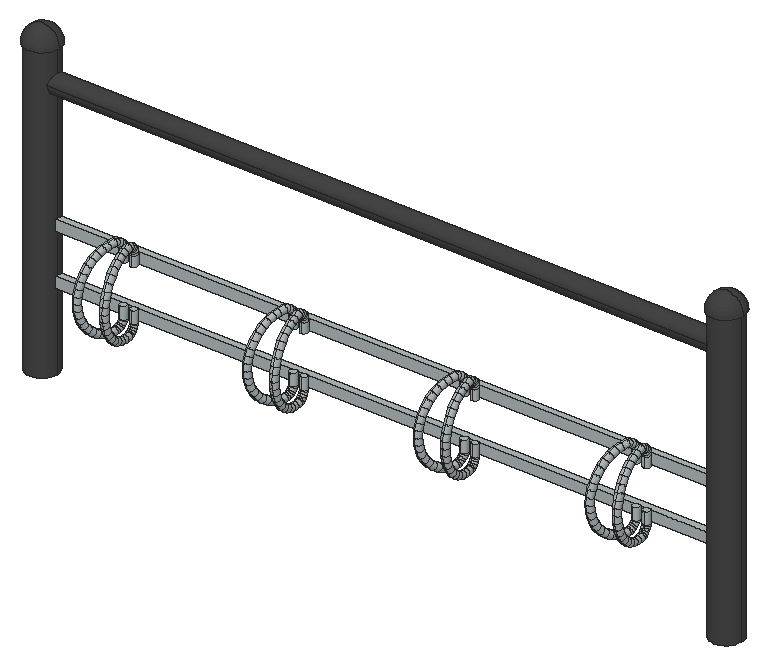
Revit family "Orion 4 Places", category Furniture, Revit 2020
Family settings
  OmniClass Number = 23.21.23.13.15
  Work Plane-Based = No
  Always vertical = Yes
  Cut with Voids When Loaded = No
  Shared = No
  Room Calculation Point = No
Parameters (values of type "8003072 / Black - Galvanized")
  Uniclass 1.4 Description = "Furniture"
  Uniclass 1.4 Code = "L8211"
  URL = "https://www.hags.com/"
  QR code = "https://www.hags.com/en-us/furniture/park-and-urban-furniture/bicycle-storage/orion-cycle-stand"
  Product url = "https://www.hags.com/en-us/furniture/park-and-urban-furniture/bicycle-storage/orion-cycle-stand"
  Product name = "Orion Cycle Stand Cast In Place 4 PL"
  Product data url = "https://bimobject.com/hags/product/sofa_sofiero_detached"
  Product SKU = "Orion_Cycle_Stand_Detached"
  Product Guid = "90e49432-c870-4a59-897e-b15016e8f9bd"
  OmniClass Description = "BICYCLE STORAGE"
  OmniClass Code = "23-21 23 13 15"
  Model = "8003072"
  Manufacturer name = "HAGS"
  Manufacturer = "Hags"
  IFC Classification = "Furniture"
  Edition number = 1
  Description = ""
  Default Elevation = 0 mm
  Construction material = Hags - Steel - Powder coated - Black
  Body material_90 = Hags - Steel - Galvanized
  Body material = Hags - Steel - Galvanized
  BIMobject category = "PARK AND URBAN FURNITURE"
Reference planes
  plane 1 "Center (Front/Back)": y = 0
  plane 2: z = 0
  plane 3 "Center (Left/Right)": x = 0
Forms (mm)
  Extrusion 1, solid, material "Hags - Steel - Galvanized" <- "Body material"
    sketch origin (1.365, 774.147, 368.991) x (1, 0, 0) y (0, 1, 0)
      loop
        line (45, 10) -> (45, -10) -> (1953.774, -10) -> (1953.774, 10) -> (45, 10)
    from 10 to 40
  Extrusion 2, solid, material "Hags - Steel - Powder coated - Black" <- "Construction material"
    sketch origin (1.256, 773.645, -2.003) x (1, 0, 0) y (0, 1, 0)
      loop
        circle (0, 0) r 45
    from 0 to 855.862
  Revolve 3, solid, material "Hags - Steel - Powder coated - Black" <- "Construction material"
    sketch origin (-157.494, 773.272, 982.921) x (1, 0, 0) y (0, 0, -1)
      loop
        arc (158.761, 80.421) -> (194.116, 95.065) -> (208.761, 130.421) r 50
        line (208.761, 130.421) -> (207.761, 130.421)
        arc (207.761, 130.421) -> (193.409, 95.772) -> (158.761, 81.421) r 49
        line (158.761, 81.421) -> (158.761, 80.421)
      axis (158.761, 80.421) -> (158.761, 130.421)
    angle from 0 to 360
  Extrusion 4, solid, material "Hags - Steel - Galvanized" <- "Body material"
    sketch origin (1.365, 774.147, 219.062) x (1, 0, 0) y (0, 1, 0)
      loop
        line (45, 10) -> (45, -10) -> (1953.774, -10) -> (1953.774, 10) -> (45, 10)
    from 10 to 40
  Sweep 5, solid, material "Hags - Steel - Galvanized" <- "Body material"
    path in 3D
      loop
        line (284.399, 754.337, 377.24) -> (284.399, 754.337, 407.353) -> (284.665, 752.833, 415.339) -> (285.316, 749.14, 423.039) -> (286.286, 743.636, 428.628) -> (287.965, 734.115, 434.346) -> (289.347, 726.277, 435.361) -> (292.522, 708.27, 432.783) -> (295.203, 693.067, 429.453) -> (297.994, 677.237, 422.534) -> (300.723, 661.763, 413.169) -> (303.109, 648.228, 401.259) -> (305.21, 636.315, 386.656) -> (306.856, 626.977, 371.146) -> (308.013, 620.42, 354.939) -> (308.792, 616.001, 337.377) -> (309.009, 614.771, 319.294) -> (308.744, 616.272, 301.112) -> (308.016, 620.403, 283.054) -> (306.889, 626.794, 266.207) -> (305.171, 636.533, 250.343) -> (303.187, 647.79, 236.583) -> (300.759, 661.556, 224.908) -> (298.069, 676.815, 215.565) -> (295.162, 693.301, 208.347) -> (292.187, 710.173, 204.276) -> (288.99, 728.303, 202.885) -> (287.744, 735.369, 204.302) -> (286.375, 743.131, 208.643) -> (285.399, 748.667, 215.06) -> (284.552, 753.472, 223.611) -> (284.444, 754.085, 227.971) -> (284.444, 754.085, 260.734)
    profile origin (284.444, 754.085, 244.352) x (0, 1, 0) y (-1, 0, 0)
      loop
        circle (0, 0) r 10
  Sweep 6, solid, material "Hags - Steel - Galvanized" <- "Body material"
    path in 3D
      loop
        line (254.031, 754.116, 377.794) -> (254.031, 754.116, 407.907) -> (253.766, 752.611, 415.893) -> (253.115, 748.919, 423.593) -> (252.145, 743.415, 429.182) -> (250.466, 733.894, 434.9) -> (249.084, 726.056, 435.915) -> (245.909, 708.049, 433.337) -> (243.228, 692.846, 430.007) -> (240.437, 677.016, 423.088) -> (237.708, 661.542, 413.723) -> (235.321, 648.007, 401.813) -> (233.221, 636.094, 387.21) -> (231.574, 626.756, 371.7) -> (230.418, 620.199, 355.493) -> (229.639, 615.78, 337.931) -> (229.422, 614.55, 319.848) -> (229.687, 616.051, 301.666) -> (230.415, 620.182, 283.608) -> (231.542, 626.573, 266.761) -> (233.259, 636.312, 250.897) -> (235.244, 647.569, 237.137) -> (237.672, 661.335, 225.462) -> (240.362, 676.594, 216.119) -> (243.269, 693.08, 208.901) -> (246.244, 709.952, 204.83) -> (249.441, 728.082, 203.439) -> (250.687, 735.148, 204.856) -> (252.056, 742.91, 209.197) -> (253.032, 748.445, 215.614) -> (253.879, 753.251, 224.165) -> (253.987, 753.864, 228.525) -> (253.987, 753.864, 261.288)
    profile origin (253.987, 753.864, 244.906) x (0, 1, 0) y (-1, 0, 0)
      loop
        circle (0, 0) r 10
  Sweep 7, solid, material "Hags - Steel - Galvanized" <- "Body material"
    path in 3D
      loop
        line (1781.899, 754.337, 377.24) -> (1781.899, 754.337, 407.353) -> (1782.165, 752.833, 415.339) -> (1782.816, 749.14, 423.039) -> (1783.786, 743.636, 428.628) -> (1785.465, 734.115, 434.346) -> (1786.847, 726.277, 435.361) -> (1790.022, 708.27, 432.783) -> (1792.703, 693.067, 429.453) -> (1795.494, 677.237, 422.534) -> (1798.223, 661.763, 413.169) -> (1800.609, 648.228, 401.259) -> (1802.71, 636.315, 386.656) -> (1804.356, 626.977, 371.146) -> (1805.513, 620.42, 354.939) -> (1806.292, 616.001, 337.377) -> (1806.509, 614.771, 319.294) -> (1806.244, 616.272, 301.112) -> (1805.516, 620.403, 283.054) -> (1804.389, 626.794, 266.207) -> (1802.671, 636.533, 250.343) -> (1800.687, 647.79, 236.583) -> (1798.259, 661.556, 224.908) -> (1795.569, 676.815, 215.565) -> (1792.662, 693.301, 208.347) -> (1789.687, 710.173, 204.276) -> (1786.49, 728.303, 202.885) -> (1785.244, 735.369, 204.302) -> (1783.875, 743.131, 208.643) -> (1782.899, 748.667, 215.06) -> (1782.052, 753.472, 223.611) -> (1781.944, 754.085, 227.971) -> (1781.944, 754.085, 260.734)
    profile origin (1781.944, 754.085, 244.352) x (0, 1, 0) y (-1, 0, 0)
      loop
        circle (0, 0) r 10
  Sweep 8, solid, material "Hags - Steel - Galvanized" <- "Body material"
    path in 3D
      loop
        line (1751.531, 754.116, 377.794) -> (1751.531, 754.116, 407.907) -> (1751.266, 752.611, 415.893) -> (1750.615, 748.919, 423.593) -> (1749.645, 743.415, 429.182) -> (1747.966, 733.894, 434.9) -> (1746.584, 726.056, 435.915) -> (1743.409, 708.049, 433.337) -> (1740.728, 692.846, 430.007) -> (1737.937, 677.016, 423.088) -> (1735.208, 661.542, 413.723) -> (1732.821, 648.007, 401.813) -> (1730.721, 636.094, 387.21) -> (1729.074, 626.756, 371.7) -> (1727.918, 620.199, 355.493) -> (1727.139, 615.78, 337.931) -> (1726.922, 614.55, 319.848) -> (1727.187, 616.051, 301.666) -> (1727.915, 620.182, 283.608) -> (1729.042, 626.573, 266.761) -> (1730.759, 636.312, 250.897) -> (1732.744, 647.569, 237.137) -> (1735.172, 661.335, 225.462) -> (1737.862, 676.594, 216.119) -> (1740.769, 693.08, 208.901) -> (1743.744, 709.952, 204.83) -> (1746.941, 728.082, 203.439) -> (1748.187, 735.148, 204.856) -> (1749.556, 742.91, 209.197) -> (1750.532, 748.445, 215.614) -> (1751.379, 753.251, 224.165) -> (1751.487, 753.864, 228.525) -> (1751.487, 753.864, 261.288)
    profile origin (1751.487, 753.864, 244.906) x (0, 1, 0) y (-1, 0, 0)
      loop
        circle (0, 0) r 10
  Sweep 9, solid, material "Hags - Steel - Galvanized" <- "Body material"
    path in 3D
      loop
        line (781.066, 754.337, 377.24) -> (781.066, 754.337, 407.353) -> (781.331, 752.833, 415.339) -> (781.982, 749.14, 423.039) -> (782.953, 743.636, 428.628) -> (784.632, 734.115, 434.346) -> (786.014, 726.277, 435.361) -> (789.189, 708.27, 432.783) -> (791.87, 693.067, 429.453) -> (794.661, 677.237, 422.534) -> (797.389, 661.763, 413.169) -> (799.776, 648.228, 401.259) -> (801.877, 636.315, 386.656) -> (803.523, 626.977, 371.146) -> (804.679, 620.42, 354.939) -> (805.458, 616.001, 337.377) -> (805.675, 614.771, 319.294) -> (805.411, 616.272, 301.112) -> (804.682, 620.403, 283.054) -> (803.555, 626.794, 266.207) -> (801.838, 636.533, 250.343) -> (799.853, 647.79, 236.583) -> (797.426, 661.556, 224.908) -> (794.735, 676.815, 215.565) -> (791.828, 693.301, 208.347) -> (788.853, 710.173, 204.276) -> (785.657, 728.303, 202.885) -> (784.411, 735.369, 204.302) -> (783.042, 743.131, 208.643) -> (782.066, 748.667, 215.06) -> (781.219, 753.472, 223.611) -> (781.111, 754.085, 227.971) -> (781.111, 754.085, 260.734)
    profile origin (781.111, 754.085, 244.352) x (0, 1, 0) y (-1, 0, 0)
      loop
        circle (0, 0) r 10
  Sweep 10, solid, material "Hags - Steel - Galvanized" <- "Body material"
    path in 3D
      loop
        line (750.698, 754.116, 377.794) -> (750.698, 754.116, 407.907) -> (750.433, 752.611, 415.893) -> (749.782, 748.919, 423.593) -> (748.811, 743.415, 429.182) -> (747.132, 733.894, 434.9) -> (745.75, 726.056, 435.915) -> (742.575, 708.049, 433.337) -> (739.894, 692.846, 430.007) -> (737.103, 677.016, 423.088) -> (734.375, 661.542, 413.723) -> (731.988, 648.007, 401.813) -> (729.888, 636.094, 387.21) -> (728.241, 626.756, 371.7) -> (727.085, 620.199, 355.493) -> (726.306, 615.78, 337.931) -> (726.089, 614.55, 319.848) -> (726.353, 616.051, 301.666) -> (727.082, 620.182, 283.608) -> (728.209, 626.573, 266.761) -> (729.926, 636.312, 250.897) -> (731.911, 647.569, 237.137) -> (734.338, 661.335, 225.462) -> (737.029, 676.594, 216.119) -> (739.936, 693.08, 208.901) -> (742.911, 709.952, 204.83) -> (746.108, 728.082, 203.439) -> (747.353, 735.148, 204.856) -> (748.722, 742.91, 209.197) -> (749.698, 748.445, 215.614) -> (750.545, 753.251, 224.165) -> (750.654, 753.864, 228.525) -> (750.654, 753.864, 261.288)
    profile origin (750.654, 753.864, 244.906) x (0, 1, 0) y (-1, 0, 0)
      loop
        circle (0, 0) r 10
  Sweep 11, solid, material "Hags - Steel - Galvanized" <- "Body material"
    path in 3D
      loop
        line (1280.233, 754.337, 377.24) -> (1280.233, 754.337, 407.353) -> (1280.498, 752.833, 415.339) -> (1281.149, 749.14, 423.039) -> (1282.12, 743.636, 428.628) -> (1283.798, 734.115, 434.346) -> (1285.181, 726.277, 435.361) -> (1288.356, 708.27, 432.783) -> (1291.036, 693.067, 429.453) -> (1293.828, 677.237, 422.534) -> (1296.556, 661.763, 413.169) -> (1298.943, 648.228, 401.259) -> (1301.043, 636.315, 386.656) -> (1302.69, 626.977, 371.146) -> (1303.846, 620.42, 354.939) -> (1304.625, 616.001, 337.377) -> (1304.842, 614.771, 319.294) -> (1304.577, 616.272, 301.112) -> (1303.849, 620.403, 283.054) -> (1302.722, 626.794, 266.207) -> (1301.005, 636.533, 250.343) -> (1299.02, 647.79, 236.583) -> (1296.593, 661.556, 224.908) -> (1293.902, 676.815, 215.565) -> (1290.995, 693.301, 208.347) -> (1288.02, 710.173, 204.276) -> (1284.823, 728.303, 202.885) -> (1283.577, 735.369, 204.302) -> (1282.209, 743.131, 208.643) -> (1281.233, 748.667, 215.06) -> (1280.385, 753.472, 223.611) -> (1280.277, 754.085, 227.971) -> (1280.277, 754.085, 260.734)
    profile origin (1280.277, 754.085, 244.352) x (0, 1, 0) y (-1, 0, 0)
      loop
        circle (0, 0) r 10
  Sweep 12, solid, material "Hags - Steel - Galvanized" <- "Body material"
    path in 3D
      loop
        line (1249.865, 754.116, 377.794) -> (1249.865, 754.116, 407.907) -> (1249.599, 752.611, 415.893) -> (1248.948, 748.919, 423.593) -> (1247.978, 743.415, 429.182) -> (1246.299, 733.894, 434.9) -> (1244.917, 726.056, 435.915) -> (1241.742, 708.049, 433.337) -> (1239.061, 692.846, 430.007) -> (1236.27, 677.016, 423.088) -> (1233.541, 661.542, 413.723) -> (1231.155, 648.007, 401.813) -> (1229.054, 636.094, 387.21) -> (1227.408, 626.756, 371.7) -> (1226.251, 620.199, 355.493) -> (1225.472, 615.78, 337.931) -> (1225.255, 614.55, 319.848) -> (1225.52, 616.051, 301.666) -> (1226.249, 620.182, 283.608) -> (1227.375, 626.573, 266.761) -> (1229.093, 636.312, 250.897) -> (1231.078, 647.569, 237.137) -> (1233.505, 661.335, 225.462) -> (1236.196, 676.594, 216.119) -> (1239.102, 693.08, 208.901) -> (1242.077, 709.952, 204.83) -> (1245.274, 728.082, 203.439) -> (1246.52, 735.148, 204.856) -> (1247.889, 742.91, 209.197) -> (1248.865, 748.445, 215.614) -> (1249.712, 753.251, 224.165) -> (1249.82, 753.864, 228.525) -> (1249.82, 753.864, 261.288)
    profile origin (1249.82, 753.864, 244.906) x (0, 1, 0) y (-1, 0, 0)
      loop
        circle (0, 0) r 10
  Extrusion 13, solid, material "Hags - Steel - Powder coated - Black" <- "Construction material"
    sketch origin (36.25, -235, -1.875) x (0, 1, 0) y (0, 0, 1)
      loop
        circle (1007.732, 762.878) r 27.52
    from 0 to 1927.669
  Extrusion 14, solid, material "Hags - Steel - Powder coated - Black" <- "Construction material"
    sketch origin (1999.85, 773.645, 0) x (1, 0, 0) y (0, 1, 0)
      loop
        circle (0, 0) r 45
    from 0 to 855.862
  Revolve 15, solid, material "Hags - Steel - Powder coated - Black" <- "Construction material"
    sketch origin (1841.1, 773.272, 984.925) x (1, 0, 0) y (0, 0, -1)
      loop
        arc (158.761, 80.421) -> (194.116, 95.065) -> (208.761, 130.421) r 50
        line (208.761, 130.421) -> (207.761, 130.421)
        arc (207.761, 130.421) -> (193.409, 95.772) -> (158.761, 81.421) r 49
        line (158.761, 81.421) -> (158.761, 80.421)
      axis (158.761, 80.421) -> (158.761, 130.421)
    angle from 0 to 360
Lines and regions (mm)
  sketch lines
    curve 1: line (284.444, 754.085, 227.971) -> (284.444, 754.085, 260.734)
    curve 2: line (284.552, 753.472, 223.611) -> (284.444, 754.085, 227.971)
    curve 3: line (285.399, 748.667, 215.06) -> (284.552, 753.472, 223.611)
    curve 4: line (286.375, 743.131, 208.643) -> (285.399, 748.667, 215.06)
    curve 5: line (287.744, 735.369, 204.302) -> (286.375, 743.131, 208.643)
    curve 6: line (288.99, 728.303, 202.885) -> (287.744, 735.369, 204.302)
    curve 7: line (292.187, 710.173, 204.276) -> (288.99, 728.303, 202.885)
    curve 8: line (295.162, 693.301, 208.347) -> (292.187, 710.173, 204.276)
    curve 9: line (298.069, 676.815, 215.565) -> (295.162, 693.301, 208.347)
    curve 10: line (300.759, 661.556, 224.908) -> (298.069, 676.815, 215.565)
    curve 11: line (303.187, 647.79, 236.583) -> (300.759, 661.556, 224.908)
    curve 12: line (305.171, 636.533, 250.343) -> (303.187, 647.79, 236.583)
    curve 13: line (306.889, 626.794, 266.207) -> (305.171, 636.533, 250.343)
    curve 14: line (308.016, 620.403, 283.054) -> (306.889, 626.794, 266.207)
    curve 15: line (308.744, 616.272, 301.112) -> (308.016, 620.403, 283.054)
    curve 16: line (309.009, 614.771, 319.294) -> (308.744, 616.272, 301.112)
    curve 17: line (308.792, 616.001, 337.377) -> (309.009, 614.771, 319.294)
    curve 18: line (308.013, 620.42, 354.939) -> (308.792, 616.001, 337.377)
    curve 19: line (306.856, 626.977, 371.146) -> (308.013, 620.42, 354.939)
    curve 20: line (305.21, 636.315, 386.656) -> (306.856, 626.977, 371.146)
    curve 21: line (303.109, 648.228, 401.259) -> (305.21, 636.315, 386.656)
    curve 22: line (300.723, 661.763, 413.169) -> (303.109, 648.228, 401.259)
    curve 23: line (297.994, 677.237, 422.534) -> (300.723, 661.763, 413.169)
    curve 24: line (295.203, 693.067, 429.453) -> (297.994, 677.237, 422.534)
    curve 25: line (292.522, 708.27, 432.783) -> (295.203, 693.067, 429.453)
    curve 26: line (289.347, 726.277, 435.361) -> (292.522, 708.27, 432.783)
    curve 27: line (287.965, 734.115, 434.346) -> (289.347, 726.277, 435.361)
    curve 28: line (286.286, 743.636, 428.628) -> (287.965, 734.115, 434.346)
    curve 29: line (285.316, 749.14, 423.039) -> (286.286, 743.636, 428.628)
    curve 30: line (284.665, 752.833, 415.339) -> (285.316, 749.14, 423.039)
    curve 31: line (284.399, 754.337, 407.353) -> (284.665, 752.833, 415.339)
    curve 32: line (284.399, 754.337, 377.24) -> (284.399, 754.337, 407.353)
    curve 33: line (253.987, 753.864, 228.525) -> (253.987, 753.864, 261.288)
    curve 34: line (253.879, 753.251, 224.165) -> (253.987, 753.864, 228.525)
    curve 35: line (253.032, 748.445, 215.614) -> (253.879, 753.251, 224.165)
    curve 36: line (252.056, 742.91, 209.197) -> (253.032, 748.445, 215.614)
    curve 37: line (250.687, 735.148, 204.856) -> (252.056, 742.91, 209.197)
    curve 38: line (249.441, 728.082, 203.439) -> (250.687, 735.148, 204.856)
    curve 39: line (246.244, 709.952, 204.83) -> (249.441, 728.082, 203.439)
    curve 40: line (243.269, 693.08, 208.901) -> (246.244, 709.952, 204.83)
    curve 41: line (240.362, 676.594, 216.119) -> (243.269, 693.08, 208.901)
    curve 42: line (237.672, 661.335, 225.462) -> (240.362, 676.594, 216.119)
    curve 43: line (235.244, 647.569, 237.137) -> (237.672, 661.335, 225.462)
    curve 44: line (233.259, 636.312, 250.897) -> (235.244, 647.569, 237.137)
    curve 45: line (231.542, 626.573, 266.761) -> (233.259, 636.312, 250.897)
    curve 46: line (230.415, 620.182, 283.608) -> (231.542, 626.573, 266.761)
    curve 47: line (229.687, 616.051, 301.666) -> (230.415, 620.182, 283.608)
    curve 48: line (229.422, 614.55, 319.848) -> (229.687, 616.051, 301.666)
    curve 49: line (229.639, 615.78, 337.931) -> (229.422, 614.55, 319.848)
    curve 50: line (230.418, 620.199, 355.493) -> (229.639, 615.78, 337.931)
    curve 51: line (231.574, 626.756, 371.7) -> (230.418, 620.199, 355.493)
    curve 52: line (233.221, 636.094, 387.21) -> (231.574, 626.756, 371.7)
    curve 53: line (235.321, 648.007, 401.813) -> (233.221, 636.094, 387.21)
    curve 54: line (237.708, 661.542, 413.723) -> (235.321, 648.007, 401.813)
    curve 55: line (240.437, 677.016, 423.088) -> (237.708, 661.542, 413.723)
    curve 56: line (243.228, 692.846, 430.007) -> (240.437, 677.016, 423.088)
    curve 57: line (245.909, 708.049, 433.337) -> (243.228, 692.846, 430.007)
    curve 58: line (249.084, 726.056, 435.915) -> (245.909, 708.049, 433.337)
    curve 59: line (250.466, 733.894, 434.9) -> (249.084, 726.056, 435.915)
    curve 60: line (252.145, 743.415, 429.182) -> (250.466, 733.894, 434.9)
    curve 61: line (253.115, 748.919, 423.593) -> (252.145, 743.415, 429.182)
    curve 62: line (253.766, 752.611, 415.893) -> (253.115, 748.919, 423.593)
    curve 63: line (254.031, 754.116, 407.907) -> (253.766, 752.611, 415.893)
    curve 64: line (254.031, 754.116, 377.794) -> (254.031, 754.116, 407.907)
    curve 65: line (1781.944, 754.085, 227.971) -> (1781.944, 754.085, 260.734)
    curve 66: line (1782.052, 753.472, 223.611) -> (1781.944, 754.085, 227.971)
    curve 67: line (1782.899, 748.667, 215.06) -> (1782.052, 753.472, 223.611)
    curve 68: line (1783.875, 743.131, 208.643) -> (1782.899, 748.667, 215.06)
    curve 69: line (1785.244, 735.369, 204.302) -> (1783.875, 743.131, 208.643)
    curve 70: line (1786.49, 728.303, 202.885) -> (1785.244, 735.369, 204.302)
    curve 71: line (1789.687, 710.173, 204.276) -> (1786.49, 728.303, 202.885)
    curve 72: line (1792.662, 693.301, 208.347) -> (1789.687, 710.173, 204.276)
    curve 73: line (1795.569, 676.815, 215.565) -> (1792.662, 693.301, 208.347)
    curve 74: line (1798.259, 661.556, 224.908) -> (1795.569, 676.815, 215.565)
    curve 75: line (1800.687, 647.79, 236.583) -> (1798.259, 661.556, 224.908)
    curve 76: line (1802.671, 636.533, 250.343) -> (1800.687, 647.79, 236.583)
    curve 77: line (1804.389, 626.794, 266.207) -> (1802.671, 636.533, 250.343)
    curve 78: line (1805.516, 620.403, 283.054) -> (1804.389, 626.794, 266.207)
    curve 79: line (1806.244, 616.272, 301.112) -> (1805.516, 620.403, 283.054)
    curve 80: line (1806.509, 614.771, 319.294) -> (1806.244, 616.272, 301.112)
    curve 81: line (1806.292, 616.001, 337.377) -> (1806.509, 614.771, 319.294)
    curve 82: line (1805.513, 620.42, 354.939) -> (1806.292, 616.001, 337.377)
    curve 83: line (1804.356, 626.977, 371.146) -> (1805.513, 620.42, 354.939)
    curve 84: line (1802.71, 636.315, 386.656) -> (1804.356, 626.977, 371.146)
    curve 85: line (1800.609, 648.228, 401.259) -> (1802.71, 636.315, 386.656)
    curve 86: line (1798.223, 661.763, 413.169) -> (1800.609, 648.228, 401.259)
    curve 87: line (1795.494, 677.237, 422.534) -> (1798.223, 661.763, 413.169)
    curve 88: line (1792.703, 693.067, 429.453) -> (1795.494, 677.237, 422.534)
    curve 89: line (1790.022, 708.27, 432.783) -> (1792.703, 693.067, 429.453)
    curve 90: line (1786.847, 726.277, 435.361) -> (1790.022, 708.27, 432.783)
    curve 91: line (1785.465, 734.115, 434.346) -> (1786.847, 726.277, 435.361)
    curve 92: line (1783.786, 743.636, 428.628) -> (1785.465, 734.115, 434.346)
    curve 93: line (1782.816, 749.14, 423.039) -> (1783.786, 743.636, 428.628)
    curve 94: line (1782.165, 752.833, 415.339) -> (1782.816, 749.14, 423.039)
    curve 95: line (1781.899, 754.337, 407.353) -> (1782.165, 752.833, 415.339)
    curve 96: line (1781.899, 754.337, 377.24) -> (1781.899, 754.337, 407.353)
    curve 97: line (1751.487, 753.864, 228.525) -> (1751.487, 753.864, 261.288)
    curve 98: line (1751.379, 753.251, 224.165) -> (1751.487, 753.864, 228.525)
    curve 99: line (1750.532, 748.445, 215.614) -> (1751.379, 753.251, 224.165)
    curve 100: line (1749.556, 742.91, 209.197) -> (1750.532, 748.445, 215.614)
    curve 101: line (1748.187, 735.148, 204.856) -> (1749.556, 742.91, 209.197)
    curve 102: line (1746.941, 728.082, 203.439) -> (1748.187, 735.148, 204.856)
    curve 103: line (1743.744, 709.952, 204.83) -> (1746.941, 728.082, 203.439)
    curve 104: line (1740.769, 693.08, 208.901) -> (1743.744, 709.952, 204.83)
    curve 105: line (1737.862, 676.594, 216.119) -> (1740.769, 693.08, 208.901)
    curve 106: line (1735.172, 661.335, 225.462) -> (1737.862, 676.594, 216.119)
    curve 107: line (1732.744, 647.569, 237.137) -> (1735.172, 661.335, 225.462)
    curve 108: line (1730.759, 636.312, 250.897) -> (1732.744, 647.569, 237.137)
    curve 109: line (1729.042, 626.573, 266.761) -> (1730.759, 636.312, 250.897)
    curve 110: line (1727.915, 620.182, 283.608) -> (1729.042, 626.573, 266.761)
    curve 111: line (1727.187, 616.051, 301.666) -> (1727.915, 620.182, 283.608)
    curve 112: line (1726.922, 614.55, 319.848) -> (1727.187, 616.051, 301.666)
    curve 113: line (1727.139, 615.78, 337.931) -> (1726.922, 614.55, 319.848)
    curve 114: line (1727.918, 620.199, 355.493) -> (1727.139, 615.78, 337.931)
    curve 115: line (1729.074, 626.756, 371.7) -> (1727.918, 620.199, 355.493)
    curve 116: line (1730.721, 636.094, 387.21) -> (1729.074, 626.756, 371.7)
    curve 117: line (1732.821, 648.007, 401.813) -> (1730.721, 636.094, 387.21)
    curve 118: line (1735.208, 661.542, 413.723) -> (1732.821, 648.007, 401.813)
    curve 119: line (1737.937, 677.016, 423.088) -> (1735.208, 661.542, 413.723)
    curve 120: line (1740.728, 692.846, 430.007) -> (1737.937, 677.016, 423.088)
    curve 121: line (1743.409, 708.049, 433.337) -> (1740.728, 692.846, 430.007)
    curve 122: line (1746.584, 726.056, 435.915) -> (1743.409, 708.049, 433.337)
    curve 123: line (1747.966, 733.894, 434.9) -> (1746.584, 726.056, 435.915)
    curve 124: line (1749.645, 743.415, 429.182) -> (1747.966, 733.894, 434.9)
    curve 125: line (1750.615, 748.919, 423.593) -> (1749.645, 743.415, 429.182)
    curve 126: line (1751.266, 752.611, 415.893) -> (1750.615, 748.919, 423.593)
    curve 127: line (1751.531, 754.116, 407.907) -> (1751.266, 752.611, 415.893)
    curve 128: line (1751.531, 754.116, 377.794) -> (1751.531, 754.116, 407.907)
    curve 129: line (781.111, 754.085, 227.971) -> (781.111, 754.085, 260.734)
    curve 130: line (781.219, 753.472, 223.611) -> (781.111, 754.085, 227.971)
    curve 131: line (782.066, 748.667, 215.06) -> (781.219, 753.472, 223.611)
    curve 132: line (783.042, 743.131, 208.643) -> (782.066, 748.667, 215.06)
    curve 133: line (784.411, 735.369, 204.302) -> (783.042, 743.131, 208.643)
    curve 134: line (785.657, 728.303, 202.885) -> (784.411, 735.369, 204.302)
    curve 135: line (788.853, 710.173, 204.276) -> (785.657, 728.303, 202.885)
    curve 136: line (791.828, 693.301, 208.347) -> (788.853, 710.173, 204.276)
    curve 137: line (794.735, 676.815, 215.565) -> (791.828, 693.301, 208.347)
    curve 138: line (797.426, 661.556, 224.908) -> (794.735, 676.815, 215.565)
    curve 139: line (799.853, 647.79, 236.583) -> (797.426, 661.556, 224.908)
    curve 140: line (801.838, 636.533, 250.343) -> (799.853, 647.79, 236.583)
    curve 141: line (803.555, 626.794, 266.207) -> (801.838, 636.533, 250.343)
    curve 142: line (804.682, 620.403, 283.054) -> (803.555, 626.794, 266.207)
    curve 143: line (805.411, 616.272, 301.112) -> (804.682, 620.403, 283.054)
    curve 144: line (805.675, 614.771, 319.294) -> (805.411, 616.272, 301.112)
    curve 145: line (805.458, 616.001, 337.377) -> (805.675, 614.771, 319.294)
    curve 146: line (804.679, 620.42, 354.939) -> (805.458, 616.001, 337.377)
    curve 147: line (803.523, 626.977, 371.146) -> (804.679, 620.42, 354.939)
    curve 148: line (801.877, 636.315, 386.656) -> (803.523, 626.977, 371.146)
    curve 149: line (799.776, 648.228, 401.259) -> (801.877, 636.315, 386.656)
    curve 150: line (797.389, 661.763, 413.169) -> (799.776, 648.228, 401.259)
    curve 151: line (794.661, 677.237, 422.534) -> (797.389, 661.763, 413.169)
    curve 152: line (791.87, 693.067, 429.453) -> (794.661, 677.237, 422.534)
    curve 153: line (789.189, 708.27, 432.783) -> (791.87, 693.067, 429.453)
    curve 154: line (786.014, 726.277, 435.361) -> (789.189, 708.27, 432.783)
    curve 155: line (784.632, 734.115, 434.346) -> (786.014, 726.277, 435.361)
    curve 156: line (782.953, 743.636, 428.628) -> (784.632, 734.115, 434.346)
    curve 157: line (781.982, 749.14, 423.039) -> (782.953, 743.636, 428.628)
    curve 158: line (781.331, 752.833, 415.339) -> (781.982, 749.14, 423.039)
    curve 159: line (781.066, 754.337, 407.353) -> (781.331, 752.833, 415.339)
    curve 160: line (781.066, 754.337, 377.24) -> (781.066, 754.337, 407.353)
    curve 161: line (750.654, 753.864, 228.525) -> (750.654, 753.864, 261.288)
    curve 162: line (750.545, 753.251, 224.165) -> (750.654, 753.864, 228.525)
    curve 163: line (749.698, 748.445, 215.614) -> (750.545, 753.251, 224.165)
    curve 164: line (748.722, 742.91, 209.197) -> (749.698, 748.445, 215.614)
    curve 165: line (747.353, 735.148, 204.856) -> (748.722, 742.91, 209.197)
    curve 166: line (746.108, 728.082, 203.439) -> (747.353, 735.148, 204.856)
    curve 167: line (742.911, 709.952, 204.83) -> (746.108, 728.082, 203.439)
    curve 168: line (739.936, 693.08, 208.901) -> (742.911, 709.952, 204.83)
    curve 169: line (737.029, 676.594, 216.119) -> (739.936, 693.08, 208.901)
    curve 170: line (734.338, 661.335, 225.462) -> (737.029, 676.594, 216.119)
    curve 171: line (731.911, 647.569, 237.137) -> (734.338, 661.335, 225.462)
    curve 172: line (729.926, 636.312, 250.897) -> (731.911, 647.569, 237.137)
    curve 173: line (728.209, 626.573, 266.761) -> (729.926, 636.312, 250.897)
    curve 174: line (727.082, 620.182, 283.608) -> (728.209, 626.573, 266.761)
    curve 175: line (726.353, 616.051, 301.666) -> (727.082, 620.182, 283.608)
    curve 176: line (726.089, 614.55, 319.848) -> (726.353, 616.051, 301.666)
    curve 177: line (726.306, 615.78, 337.931) -> (726.089, 614.55, 319.848)
    curve 178: line (727.085, 620.199, 355.493) -> (726.306, 615.78, 337.931)
    curve 179: line (728.241, 626.756, 371.7) -> (727.085, 620.199, 355.493)
    curve 180: line (729.888, 636.094, 387.21) -> (728.241, 626.756, 371.7)
    curve 181: line (731.988, 648.007, 401.813) -> (729.888, 636.094, 387.21)
    curve 182: line (734.375, 661.542, 413.723) -> (731.988, 648.007, 401.813)
    curve 183: line (737.103, 677.016, 423.088) -> (734.375, 661.542, 413.723)
    curve 184: line (739.894, 692.846, 430.007) -> (737.103, 677.016, 423.088)
    curve 185: line (742.575, 708.049, 433.337) -> (739.894, 692.846, 430.007)
    curve 186: line (745.75, 726.056, 435.915) -> (742.575, 708.049, 433.337)
    curve 187: line (747.132, 733.894, 434.9) -> (745.75, 726.056, 435.915)
    curve 188: line (748.811, 743.415, 429.182) -> (747.132, 733.894, 434.9)
    curve 189: line (749.782, 748.919, 423.593) -> (748.811, 743.415, 429.182)
    curve 190: line (750.433, 752.611, 415.893) -> (749.782, 748.919, 423.593)
    curve 191: line (750.698, 754.116, 407.907) -> (750.433, 752.611, 415.893)
    curve 192: line (750.698, 754.116, 377.794) -> (750.698, 754.116, 407.907)
    curve 193: line (1280.277, 754.085, 227.971) -> (1280.277, 754.085, 260.734)
    curve 194: line (1280.385, 753.472, 223.611) -> (1280.277, 754.085, 227.971)
    curve 195: line (1281.233, 748.667, 215.06) -> (1280.385, 753.472, 223.611)
    curve 196: line (1282.209, 743.131, 208.643) -> (1281.233, 748.667, 215.06)
    curve 197: line (1283.577, 735.369, 204.302) -> (1282.209, 743.131, 208.643)
    curve 198: line (1284.823, 728.303, 202.885) -> (1283.577, 735.369, 204.302)
    curve 199: line (1288.02, 710.173, 204.276) -> (1284.823, 728.303, 202.885)
    curve 200: line (1290.995, 693.301, 208.347) -> (1288.02, 710.173, 204.276)
    curve 201: line (1293.902, 676.815, 215.565) -> (1290.995, 693.301, 208.347)
    curve 202: line (1296.593, 661.556, 224.908) -> (1293.902, 676.815, 215.565)
    curve 203: line (1299.02, 647.79, 236.583) -> (1296.593, 661.556, 224.908)
    curve 204: line (1301.005, 636.533, 250.343) -> (1299.02, 647.79, 236.583)
    curve 205: line (1302.722, 626.794, 266.207) -> (1301.005, 636.533, 250.343)
    curve 206: line (1303.849, 620.403, 283.054) -> (1302.722, 626.794, 266.207)
    curve 207: line (1304.577, 616.272, 301.112) -> (1303.849, 620.403, 283.054)
    curve 208: line (1304.842, 614.771, 319.294) -> (1304.577, 616.272, 301.112)
    curve 209: line (1304.625, 616.001, 337.377) -> (1304.842, 614.771, 319.294)
    curve 210: line (1303.846, 620.42, 354.939) -> (1304.625, 616.001, 337.377)
    curve 211: line (1302.69, 626.977, 371.146) -> (1303.846, 620.42, 354.939)
    curve 212: line (1301.043, 636.315, 386.656) -> (1302.69, 626.977, 371.146)
    curve 213: line (1298.943, 648.228, 401.259) -> (1301.043, 636.315, 386.656)
    curve 214: line (1296.556, 661.763, 413.169) -> (1298.943, 648.228, 401.259)
    curve 215: line (1293.828, 677.237, 422.534) -> (1296.556, 661.763, 413.169)
    curve 216: line (1291.036, 693.067, 429.453) -> (1293.828, 677.237, 422.534)
    curve 217: line (1288.356, 708.27, 432.783) -> (1291.036, 693.067, 429.453)
    curve 218: line (1285.181, 726.277, 435.361) -> (1288.356, 708.27, 432.783)
    curve 219: line (1283.798, 734.115, 434.346) -> (1285.181, 726.277, 435.361)
    curve 220: line (1282.12, 743.636, 428.628) -> (1283.798, 734.115, 434.346)
    curve 221: line (1281.149, 749.14, 423.039) -> (1282.12, 743.636, 428.628)
    curve 222: line (1280.498, 752.833, 415.339) -> (1281.149, 749.14, 423.039)
    curve 223: line (1280.233, 754.337, 407.353) -> (1280.498, 752.833, 415.339)
    curve 224: line (1280.233, 754.337, 377.24) -> (1280.233, 754.337, 407.353)
    curve 225: line (1249.82, 753.864, 228.525) -> (1249.82, 753.864, 261.288)
    curve 226: line (1249.712, 753.251, 224.165) -> (1249.82, 753.864, 228.525)
    curve 227: line (1248.865, 748.445, 215.614) -> (1249.712, 753.251, 224.165)
    curve 228: line (1247.889, 742.91, 209.197) -> (1248.865, 748.445, 215.614)
    curve 229: line (1246.52, 735.148, 204.856) -> (1247.889, 742.91, 209.197)
    curve 230: line (1245.274, 728.082, 203.439) -> (1246.52, 735.148, 204.856)
    curve 231: line (1242.077, 709.952, 204.83) -> (1245.274, 728.082, 203.439)
    curve 232: line (1239.102, 693.08, 208.901) -> (1242.077, 709.952, 204.83)
    curve 233: line (1236.196, 676.594, 216.119) -> (1239.102, 693.08, 208.901)
    curve 234: line (1233.505, 661.335, 225.462) -> (1236.196, 676.594, 216.119)
    curve 235: line (1231.078, 647.569, 237.137) -> (1233.505, 661.335, 225.462)
    curve 236: line (1229.093, 636.312, 250.897) -> (1231.078, 647.569, 237.137)
    curve 237: line (1227.375, 626.573, 266.761) -> (1229.093, 636.312, 250.897)
    curve 238: line (1226.249, 620.182, 283.608) -> (1227.375, 626.573, 266.761)
    curve 239: line (1225.52, 616.051, 301.666) -> (1226.249, 620.182, 283.608)
    curve 240: line (1225.255, 614.55, 319.848) -> (1225.52, 616.051, 301.666)
    curve 241: line (1225.472, 615.78, 337.931) -> (1225.255, 614.55, 319.848)
    curve 242: line (1226.251, 620.199, 355.493) -> (1225.472, 615.78, 337.931)
    curve 243: line (1227.408, 626.756, 371.7) -> (1226.251, 620.199, 355.493)
    curve 244: line (1229.054, 636.094, 387.21) -> (1227.408, 626.756, 371.7)
    curve 245: line (1231.155, 648.007, 401.813) -> (1229.054, 636.094, 387.21)
    curve 246: line (1233.541, 661.542, 413.723) -> (1231.155, 648.007, 401.813)
    curve 247: line (1236.27, 677.016, 423.088) -> (1233.541, 661.542, 413.723)
    curve 248: line (1239.061, 692.846, 430.007) -> (1236.27, 677.016, 423.088)
    curve 249: line (1241.742, 708.049, 433.337) -> (1239.061, 692.846, 430.007)
    curve 250: line (1244.917, 726.056, 435.915) -> (1241.742, 708.049, 433.337)
    curve 251: line (1246.299, 733.894, 434.9) -> (1244.917, 726.056, 435.915)
    curve 252: line (1247.978, 743.415, 429.182) -> (1246.299, 733.894, 434.9)
    curve 253: line (1248.948, 748.919, 423.593) -> (1247.978, 743.415, 429.182)
    curve 254: line (1249.599, 752.611, 415.893) -> (1248.948, 748.919, 423.593)
    curve 255: line (1249.865, 754.116, 407.907) -> (1249.599, 752.611, 415.893)
    curve 256: line (1249.865, 754.116, 377.794) -> (1249.865, 754.116, 407.907)
Dimensions and locks
  aligned and locked: level to plane 2
